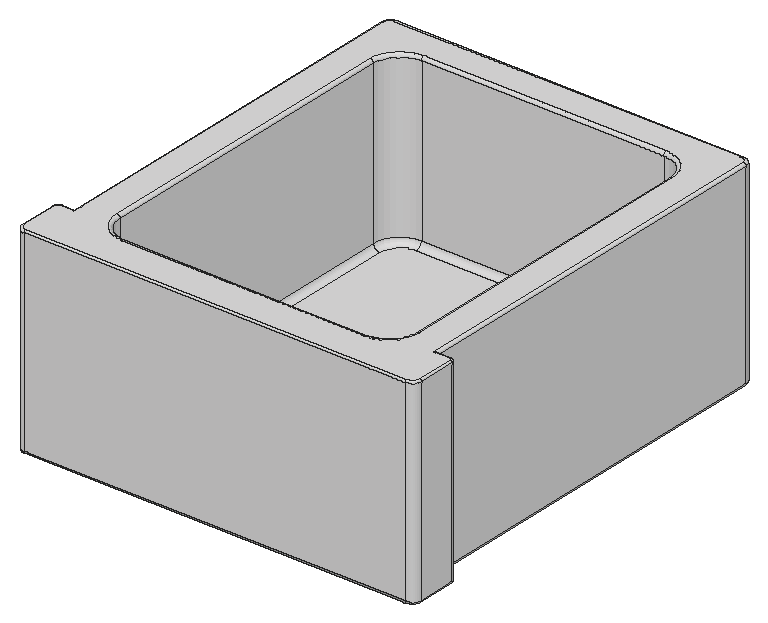
Revit family "Sink-Undermount_Kitchen-KALLISTA-Caillou-L39764-1", category Plumbing Fixtures, host Face, Revit 2022
Family settings
  Host = Face
  Round Connector Dimension = Use Diameter
  Part Type = Normal
  OmniClass Number = 23.31.13.00
  OmniClass Title = Sinks
  Cut with Voids When Loaded = No
  Maintain Annotation Orientation = No
  Shared = No
  Room Calculation Point = No
Parameters (values of type "WH-White Carrara Marble")
  Width = 19 1/2"  # constant formula
  WaterSense Certified = 1 = 0  # no
  Waste Water Outlet = "Waste Water Outlet"  # constant formula
  Waste Connection = 1 = 1  # yes
  Vent Connection = 1 = 0  # no
  URL = "https://www.kallista.com/"
  Type = 6
  Product Page URL = ""
  Product Name = "Caillou"  # constant formula
  Product Documentation Link = ""
  Model = if(Type = 1, "L39764-00-CCV", if(Type = 2, "L39764-00-FWG", if(Type = 3, "L39764-00-MVV", if(Type = 4, "L39764-00-NM", if(Type = 5, "L39764-00-RM", if(Type = 6, "L39764-00-WH", "NA"))))))  # "L39764-00-WH"
  Material = "Natural Stone"  # constant formula
  Master Format 2014 Name = "Residential Lavatories and Sinks"  # constant formula
  Master Format 2014 = "22 41 16"  # constant formula
  Manufacturer Address = "444 Highland Dr, Kohler, WI 53044"  # constant formula
  Manufacturer = "Kallista Co."  # constant formula
  Length = 17 1/2"  # constant formula
  Hot Water Inlet = "Hot Water Inlet"  # constant formula
  Height = 9.75197"  # constant formula
  HW Connection = 1 = 0  # no
  Finish = KALLISTA-Stone-WH-White_Carrara_Marble
  Environmental Product Declaration = ""
  Drain Included = 1 = 0  # no
  Description = "24 Inch Entertainment Sink"  # constant formula
  Default Elevation = 36"
  Declare Label = ""
  Date Modified = "09/23/2025"  # constant formula
  Date Created = "09/23/2025"  # constant formula
  Copyright = "Copyright Kallista Co."  # constant formula
  Contact Us = "https://www.kallista.com/corporate/contact-us/"
  Cold Water Inlet = "Cold Water Inlet"  # constant formula
  CW Connection = 1 = 0  # no
  Assembly Code = "D2010400"
  ADA Compliant = 1 = 0  # no
Types (7): name | Type | Model | Finish
  (no name) | 6 | "L39764-00-WH" | KALLISTA-Stone-WH-White_Carrara_Marble
  NM-Nero Marquina | 4 | "L39764-00-NM" | Kohler-Stone-NM-Nero_Marquina
  CCV-Calacatta Viola | 1 | "L39764-00-CCV" | KALLISTA-Stone-CCV-Calacatta_Viola
  FWG-Fusion Green Quartzite | 2 | "L39764-00-FWG" | KALLISTA-Stone-FWG-Fusion_Green_Quartzite
  MVV-Macchia Vecchia | 3 | "L39764-00-MVV" | KALLISTA-Stone-MVV-Macchia_Vecchia
  RM-Crema Marfil | 5 | "L39764-00-RM" | KALLISTA-Stone-RM-Crema_Marfil
  WH-White Carrara Marble | 6 | "L39764-00-WH" | KALLISTA-Stone-WH-White_Carrara_Marble
Reference planes (in)
  plane 1 "Center (Front/Back)": y = 0
  plane 2: z = 0
  plane 3 "Center (Left/Right)": x = 0
  plane 4: z = -1
  plane 5: y = -30.77559
  plane 6: y = -48.0315
  plane 7: y = -50.27559
  plane 8: y = -40.52756
  plane 9: y = -48.55266
  plane 10: y = -32.30069
  plane 11: z = -11.95833
  plane 12: z = -9.75197
  plane 13: x = -8.75
  plane 14: x = 8.75
  plane 15: x = 8
  plane 16: x = -8
  plane 17: x = -6.5
  plane 18: x = 6.5
Forms (in)
  Extrusion 1, void
    sketch origin (0, 0, 0) x (1, 0, 0) y (0, 1, 0)
      loop
        arc (-6.51969, -47.02641) -> (-6.80797, -47.72238) -> (-7.50394, -48.01066) r 0.98425
        line (-7.50394, -48.01066) -> (-11.77904, -48.01066) -> (-11.77904, -48.74274) -> (9.92913, -48.74274) -> (9.92913, -48.01066) -> (7.48022, -48.01066)
        arc (7.48022, -48.01066) -> (6.78425, -47.72238) -> (6.49597, -47.02641) r 0.98425
        line (6.49597, -47.02641) -> (6.49597, -33.48068)
        arc (6.49597, -33.48068) -> (6.15003, -32.64551) -> (5.31487, -32.29958) r 1.1811
        line (5.31487, -32.29958) -> (-5.33858, -32.29958)
        arc (-5.33858, -32.29958) -> (-6.17375, -32.64551) -> (-6.51969, -33.48068) r 1.1811
        line (-6.51969, -33.48068) -> (-6.51969, -47.02641)
    from -9.75197 to 0
  Extrusion 2, void
    sketch origin (0, 0, 0) x (1, 0, 0) y (0, 1, 0)
      loop
        line (-8.02461, -48.8189) -> (8.09843, -48.8189) -> (8.09843, -30.76696) -> (-8.02461, -30.76696) -> (-8.02461, -48.8189)
    from -9.75197 to -1
  Revolve 3, void
    sketch origin (0, 0, 0) x (0, 1, 0) y (0, 0, 1)
      loop
        line (-40.52756, -8.64567) -> (-43.67717, -8.64567) -> (-43.67717, -12.13518) -> (-40.52756, -12.13518) -> (-40.52756, -8.64567)
      axis (-40.52756, -8.64567) -> (-40.52756, -12.13518)
    angle from 0 to 360
Dimensions and locks (in)
  locked: level to plane 4 at 1
  plane 10 to plane 9 = 16.25197"
  "Width": plane 5 to plane 7
  "Height": level to plane 12
  level to plane 11 = 11.95833"
  level to plane 4 = 1"
  "Length": plane 13 to plane 14
  aligned and locked: plane 2 to host face
  aligned and locked: level to host face
  aligned and locked: plane 3 "Center (Left/Right)" to nested 1
  aligned and locked: plane 4 to nested 1
  aligned and locked: plane 17 to nested 1
Automatic sketch dimensions
  host sketch curve to host sketch curve = 96"  (x2)
  Extrusion 1 sketch curve to plane 9 = 0.19008"
  plane 6 to Extrusion 1 sketch curve = 0.02084"  (x2)
  plane 10 to Extrusion 1 sketch curve = 0.00112"
  plane 5 to Extrusion 2 sketch curve = 0.00863"
  Extrusion 2 sketch curve to plane 9 = 0.26624"
  Revolve 3 sketch curve to plane 8 = 0"  (x2)
  plane 12 to Revolve 3 sketch curve = 0"
  Revolve 3 sketch curve to plane 12 = 1.1063"
  Revolve 3 sketch curve to plane 8 = 3.14961"
  Revolve 3 sketch curve to plane 11 = 0.17686"
  Revolve 3 sketch curve to Revolve 3 sketch curve = 0.53734"
  Extrusion 1 sketch curve to plane 16 = 1.48031"
  Extrusion 1 sketch curve to Extrusion 1 sketch curve = 1.1811"
  Extrusion 1 sketch curve to plane 16 = 0.49606"
  plane 13 to Extrusion 1 sketch curve = 3.02904"
  plane 16 to Extrusion 2 sketch curve = 0.02461"
  plane 15 to Extrusion 1 sketch curve = 0.51978"
  Extrusion 2 sketch curve to plane 15 = 0.09843"
  Extrusion 1 sketch curve to plane 10 = 1.17999"
  plane 15 to Extrusion 1 sketch curve = 2.68513"
  Extrusion 1 sketch curve to plane 14 = 1.17913"
Nested families (in)
  nested 1: "L39764" at (0, -48.0315, -9.75197), type "L39764"
Connectors (in)
  piping at (0, -40.52756, -11.95833), diameter 1.5, driven by "Waste Connection", driven by "Waste Water Outlet"
    settings: on nested 1, index 1, connector inside diameter 24", connector length 0", flow factor 0, pipe flow 0 GPM, pressure drop 0.00 psi, fitting loss kfactor 0, connector angle 0.00°, fixture units 0, engagement length 0", angle of deflection 0.00°, flow configuration 0, flow direction 2, fitting loss method 0, system type 16, joint type 0, gender type 0, connector reference index -1, connector utility 1, adjustable connector no, is connector primary yes, connector description "Waste Water Outlet"
Definition of nested family "L39764"
  Parameters (values of type "L39764")
    Material = none
    Default Elevation = 0"
  Reference planes (in)
    plane 1 "Center (Front/Back)": y = 0
    plane 2: z = 0
    plane 3 "Center (Left/Right)": x = 0
    plane 4: x = 8.75
    plane 5: x = -8.75
    plane 6: y = -2.24409
    plane 7: y = 17.25591
    plane 8: x = -8
    plane 9: x = 8
    plane 10: x = 6.5
    plane 11: x = -6.5
    plane 12 "A": y = 7.50394
    plane 13: y = 15.7308
    plane 14: y = -0.52116
    plane 15: x = 1.81102
    plane 16: x = -1.81102
    plane 17: y = 5.69291
    plane 18: y = 9.31496
    plane 19: z = 8.75197
    plane 20: z = 1.1063
    plane 21: z = -2.20636
    plane 22: x = -8.00591
    plane 23: x = 8.00591
    plane 24: x = 8.75
    plane 25: x = -8.75
    plane 26: x = 8.75
    plane 27: x = -8.75
  Forms (in)
    Sweep 1, solid, material <- "Material", detail levels medium+fine
      path origin (0, 0, 0) x (1, 0, 0) y (0, 1, 0)
        loop
          line (5.3189, 15.7308) -> (-5.3189, 15.7308)
          arc (-5.3189, 15.7308) -> (-6.15406, 15.38487) -> (-6.5, 14.5497) r 1.1811
          line (-6.5, 14.5497) -> (-6.5, 0.65994)
          arc (-6.5, 0.65994) -> (-6.15406, -0.17523) -> (-5.3189, -0.52116) r 1.1811
          line (-5.3189, -0.52116) -> (5.3189, -0.52116)
          arc (5.3189, -0.52116) -> (6.15406, -0.17523) -> (6.5, 0.65994) r 1.1811
          line (6.5, 0.65994) -> (6.5, 14.5497)
          arc (6.5, 14.5497) -> (6.15406, 15.38487) -> (5.3189, 15.7308) r 1.1811
      profile origin (0, 15.7308, 0) x (0, -1, 0) y (0, 0, 1)
        loop
          line (0, 1.54714) -> (0, 8.61337)
          arc (0, 8.61337) -> (-0.04059, 8.71138) -> (-0.13859, 8.75197) r 0.13859
          line (-0.13859, 8.75197) -> (-0.3937, 8.75197) -> (-0.3937, 1.1063) -> (0.59055, 1.1063) -> (0.59055, 1.27854) -> (0.26859, 1.27854)
          arc (0.26859, 1.27854) -> (0.07867, 1.35721) -> (0, 1.54714) r 0.26859
    Sweep 2, solid, material <- "Material", detail levels medium+fine
      path origin (0, 0, 0) x (1, 0, 0) y (0, 1, 0)
        loop
          line (8, -0.52116) -> (8, 16.8622)
          arc (8, 16.8622) -> (7.88469, 17.14059) -> (7.6063, 17.25591) r 0.3937
          line (7.6063, 17.25591) -> (-7.6063, 17.25591)
          arc (-7.6063, 17.25591) -> (-7.88469, 17.14059) -> (-8, 16.8622) r 0.3937
          line (-8, 16.8622) -> (-8, -0.52116)
      profile origin (0, 17.25591, 0) x (0, -1, 0) y (0, 0, 1)
        loop
          arc (0.11811, 8.75197) -> (0.03459, 8.71737) -> (0, 8.63386) r 0.11811
          line (0, 8.63386) -> (0, 0.11811)
          arc (0, 0.11811) -> (0.03459, 0.03459) -> (0.11811, 0) r 0.11811
          line (0.11811, 0) -> (0.36512, 0) -> (0.36512, 8.75197) -> (0.11811, 8.75197)
    Extrusion 3, solid, material <- "Material", detail levels medium+fine
      sketch origin (0, 0, 0) x (1, 0, 0) y (0, 1, 0)
        loop
          arc (-5.3189, 15.14025) -> (-5.73648, 14.96728) -> (-5.90945, 14.5497) r 0.59055
          line (-5.90945, 14.5497) -> (-5.90945, 0.65994)
          arc (-5.90945, 0.65994) -> (-5.73648, 0.24236) -> (-5.3189, 0.06939) r 0.59055
          line (-5.3189, 0.06939) -> (5.3189, 0.06939)
          arc (5.3189, 0.06939) -> (5.73648, 0.24236) -> (5.90945, 0.65994) r 0.59055
          line (5.90945, 0.65994) -> (5.90945, 14.5497)
          arc (5.90945, 14.5497) -> (5.73648, 14.96728) -> (5.3189, 15.14025) r 0.59055
          line (5.3189, 15.14025) -> (-5.3189, 15.14025)
      from 1.1063 to 1.27854
    Sweep 4, solid, material <- "Material", detail levels medium+fine
      path origin (0, 0, 0) x (1, 0, 0) y (0, 1, 0)
        loop
          line (7.63488, 0) -> (8.55315, 0)
          arc (8.55315, 0) -> (8.69234, -0.05766) -> (8.75, -0.19685) r 0.19685
          line (8.75, -0.19685) -> (8.75, -1.85039)
          arc (8.75, -1.85039) -> (8.63469, -2.12878) -> (8.3563, -2.24409) r 0.3937
          line (8.3563, -2.24409) -> (-8.3563, -2.24409)
          arc (-8.3563, -2.24409) -> (-8.63469, -2.12878) -> (-8.75, -1.85039) r 0.3937
          line (-8.75, -1.85039) -> (-8.75, -0.19685)
          arc (-8.75, -0.19685) -> (-8.69234, -0.05766) -> (-8.55315, 0) r 0.19685
          line (-8.55315, 0) -> (-7.63488, 0)
      profile origin (0, -2.24409, 0) x (0, -1, 0) y (0, 0, 1)
        loop
          arc (-0.07874, 0) -> (-0.02306, 0.02306) -> (0, 0.07874) r 0.07874
          line (0, 0.07874) -> (0, 8.67323)
          arc (0, 8.67323) -> (-0.02306, 8.72891) -> (-0.07874, 8.75197) r 0.07874
          line (-0.07874, 8.75197) -> (-0.16989, 8.75197) -> (-0.16989, 0) -> (-0.07874, 0)
    Extrusion 5, solid, material <- "Material", detail levels medium+fine
      sketch origin (0, 0, 0) x (1, 0, 0) y (0, 1, 0)
        loop
          arc (-7.6063, 16.89079) -> (-7.62651, 16.88242) -> (-7.63488, 16.8622) r 0.02858
          line (-7.63488, 16.8622) -> (-7.63488, -0.52116) -> (-7.88189, -0.52116) -> (-7.88189, -0.16989) -> (-8.55315, -0.16989)
          arc (-8.55315, -0.16989) -> (-8.57221, -0.17779) -> (-8.58011, -0.19685) r 0.02696
          line (-8.58011, -0.19685) -> (-8.58011, -1.85039)
          arc (-8.58011, -1.85039) -> (-8.51455, -2.00865) -> (-8.3563, -2.0742) r 0.22381
          line (-8.3563, -2.0742) -> (8.3563, -2.0742)
          arc (8.3563, -2.0742) -> (8.51455, -2.00865) -> (8.58011, -1.85039) r 0.22381
          line (8.58011, -1.85039) -> (8.58011, -0.19685)
          arc (8.58011, -0.19685) -> (8.57221, -0.17779) -> (8.55315, -0.16989) r 0.02696
          line (8.55315, -0.16989) -> (7.88189, -0.16989) -> (7.88189, -0.52116) -> (7.63488, -0.52116) -> (7.63488, 16.8622)
          arc (7.63488, 16.8622) -> (7.62651, 16.88242) -> (7.6063, 16.89079) r 0.02858
          line (7.6063, 16.89079) -> (-7.6063, 16.89079)
        loop
          line (-5.3189, -0.91486) -> (5.3189, -0.91486)
          arc (5.3189, -0.91486) -> (6.43245, -0.45362) -> (6.8937, 0.65994) r 1.5748
          line (6.8937, 0.65994) -> (6.8937, 14.5497)
          arc (6.8937, 14.5497) -> (6.43245, 15.66326) -> (5.3189, 16.12451) r 1.5748
          line (5.3189, 16.12451) -> (-5.3189, 16.12451)
          arc (-5.3189, 16.12451) -> (-6.43245, 15.66326) -> (-6.8937, 14.5497) r 1.5748
          line (-6.8937, 14.5497) -> (-6.8937, 0.65994)
          arc (-6.8937, 0.65994) -> (-6.43245, -0.45362) -> (-5.3189, -0.91486) r 1.5748
      from 0 to 8.75197
    Extrusion 6, solid, material <- "Material", detail levels medium+fine
      sketch origin (0, 0, 0) x (1, 0, 0) y (0, 1, 0)
        loop
          line (-5.3189, -0.91486) -> (5.3189, -0.91486)
          arc (5.3189, -0.91486) -> (6.43245, -0.45362) -> (6.8937, 0.65994) r 1.5748
          line (6.8937, 0.65994) -> (6.8937, 14.5497)
          arc (6.8937, 14.5497) -> (6.43245, 15.66326) -> (5.3189, 16.12451) r 1.5748
          line (5.3189, 16.12451) -> (-5.3189, 16.12451)
          arc (-5.3189, 16.12451) -> (-6.43245, 15.66326) -> (-6.8937, 14.5497) r 1.5748
          line (-6.8937, 14.5497) -> (-6.8937, 0.65994)
          arc (-6.8937, 0.65994) -> (-6.43245, -0.45362) -> (-5.3189, -0.91486) r 1.5748
      from 0 to 0.53734
    Revolve 7, solid, material <- "Material", detail levels medium+fine
      sketch origin (0, 7.50394, 0) x (1, 0, 0) y (0, 0, 1)
        loop
          line (0.67587, -2.20535) -> (0.90627, -2.20535) -> (1.06958, -1.92251) -> (1.06958, -1.61212) -> (0.94701, -1.61212) -> (0.88475, -1.57618) -> (0.93481, -1.54113) -> (0.93481, -1.50906) -> (0.8958, -1.48653) -> (0.93481, -1.45921) -> (0.93481, -1.23887)
          arc (0.93481, -1.23887) -> (1.00601, -1.01305) -> (1.19386, -0.86891) r 0.3937
          line (1.19386, -0.86891) -> (1.55169, -0.73867)
          arc (1.55169, -0.73867) -> (1.61382, -0.691) -> (1.63737, -0.61631) r 0.1302
          line (1.63737, -0.61631) -> (1.63737, -0.57625) -> (1.76509, -0.57625) -> (1.76509, -0.34166)
          arc (1.76509, -0.34166) -> (1.78452, -0.29282) -> (1.83218, -0.27068) r 0.07109
          line (1.83218, -0.27068) -> (2.19552, -0.25022)
          arc (2.19552, -0.25022) -> (2.23423, -0.23224) -> (2.25, -0.19259) r 0.05772
          line (2.25, -0.19259) -> (2.25, 0.03896) -> (0.67587, 0.03896) -> (0.67587, -2.20535)
        axis (0, -2.20535) -> (0, 0.03896)
      angle from 0 to 360
    Revolve 8, void
      sketch origin (0, 7.50394, 0) x (1, 0, 0) y (0, 0, 1)
        loop
          line (0, 1.6019) -> (0, -1.98381) -> (0.57595, -1.98381) -> (0.63664, -1.29003)
          arc (0.63664, -1.29003) -> (0.65408, -1.2024) -> (0.69006, -1.12062) r 0.41036
          line (0.69006, -1.12062) -> (0.81069, -0.91169)
          arc (0.81069, -0.91169) -> (0.84811, -0.86608) -> (0.89822, -0.83491) r 0.18118
          line (0.89822, -0.83491) -> (1.43372, -0.61294)
          arc (1.43372, -0.61294) -> (1.49806, -0.56011) -> (1.52222, -0.48045) r 0.14342
          line (1.52222, -0.48045) -> (1.52222, 0.14364)
          arc (1.52222, 0.14364) -> (1.63754, 0.42203) -> (1.91592, 0.53734) r 0.3937
          line (1.91592, 0.53734) -> (2.26444, 0.53734)
          arc (2.26444, 0.53734) -> (2.39949, 0.59097) -> (2.46095, 0.72264) r 0.19685
          arc (2.46095, 0.72264) -> (2.64534, 1.11765) -> (3.05049, 1.27854) r 0.59055
          line (3.05049, 1.27854) -> (3.44741, 1.27854) -> (3.44741, 1.6019) -> (0, 1.6019)
        axis (0, -1.98381) -> (0, 1.6019)
      angle from 0 to 360
    Revolve 9, solid, detail levels medium+fine
      sketch origin (0, 7.50394, 0) x (1, 0, 0) y (0, 0, 1)
        loop
          line (0, 1.67762) -> (0, -2.20636) -> (0.20909, -2.20636) -> (0.20909, -1.30009) -> (0.40594, -1.30009)
          arc (0.40594, -1.30009) -> (0.54513, -1.24244) -> (0.60279, -1.10324) r 0.19685
          line (0.60279, -1.10324) -> (0.60279, -0.7731)
          arc (0.60279, -0.7731) -> (0.66045, -0.63391) -> (0.79964, -0.57625) r 0.19685
          line (0.79964, -0.57625) -> (0.99649, -0.57625)
          arc (0.99649, -0.57625) -> (1.27488, -0.46094) -> (1.39019, -0.18255) r 0.3937
          line (1.39019, -0.18255) -> (1.39019, 0.53734) -> (1.39019, 0.83262)
          arc (1.39019, 0.83262) -> (1.5055, 1.111) -> (1.78389, 1.22632) r 0.3937
          line (1.78389, 1.22632) -> (2.91855, 1.22632)
          arc (2.91855, 1.22632) -> (3.02916, 1.32858) -> (2.93589, 1.44687) r 0.11096
          arc (2.93589, 1.44687) -> (1.47248, 1.6199) -> (0, 1.67762) r 18.77454
        axis (0, 1.67762) -> (0, -2.20636)
      angle from 0 to 360
    Extrusion 10, solid, material <- "Material", detail levels medium+fine
      sketch origin (0, 0, 0) x (1, 0, 0) y (0, 1, 0)
        loop
          line (-1.33976, 6.35478) -> (-1.40158, 6.29297)
          arc (-1.40158, 6.29297) -> (-1.40158, 6.0935) -> (-1.20211, 6.0935) r 0.14104
          line (-1.20211, 6.0935) -> (-1.13959, 6.15602)
          arc (-1.13959, 6.15602) -> (-1.24365, 6.25139) -> (-1.33976, 6.35478) r 1.76509
        loop
          line (-0.14105, 5.74449) -> (-0.14136, 5.65708)
          arc (-0.14136, 5.65708) -> (-0.00082, 5.51553) -> (0.14073, 5.65608) r 0.14104
          line (0.14073, 5.65608) -> (0.14105, 5.74449)
          arc (0.14105, 5.74449) -> (0, 5.73885) -> (-0.14105, 5.74449) r 1.76509
        loop
          line (1.14099, 6.15721) -> (1.20243, 6.09502)
          arc (1.20243, 6.09502) -> (1.40189, 6.09381) -> (1.4031, 6.29328) r 0.14104
          line (1.4031, 6.29328) -> (1.34096, 6.35618)
          arc (1.34096, 6.35618) -> (1.24496, 6.25269) -> (1.14099, 6.15721) r 1.76509
        loop
          line (1.75944, 7.36289) -> (1.84686, 7.36258)
          arc (1.84686, 7.36258) -> (1.9884, 7.50312) -> (1.84786, 7.64467) r 0.14104
          line (1.84786, 7.64467) -> (1.75944, 7.64498)
          arc (1.75944, 7.64498) -> (1.76509, 7.50394) -> (1.75944, 7.36289) r 1.76509
        loop
          arc (-1.75944, 7.36289) -> (-1.76509, 7.50394) -> (-1.75944, 7.64498) r 1.76509
          line (-1.75944, 7.64498) -> (-1.84786, 7.64467)
          arc (-1.84786, 7.64467) -> (-1.9884, 7.50312) -> (-1.84686, 7.36258) r 0.14104
          line (-1.84686, 7.36258) -> (-1.75944, 7.36289)
        loop
          arc (-1.33976, 8.6531) -> (-1.24365, 8.75648) -> (-1.13959, 8.85185) r 1.76509
          line (-1.13959, 8.85185) -> (-1.20211, 8.91437)
          arc (-1.20211, 8.91437) -> (-1.40158, 8.91437) -> (-1.40158, 8.71491) r 0.14104
          line (-1.40158, 8.71491) -> (-1.33976, 8.6531)
        loop
          arc (-0.14105, 9.26338) -> (0, 9.26902) -> (0.14105, 9.26338) r 1.76509
          line (0.14105, 9.26338) -> (0.14073, 9.3518)
          arc (0.14073, 9.3518) -> (-0.00082, 9.49234) -> (-0.14136, 9.35079) r 0.14104
          line (-0.14136, 9.35079) -> (-0.14105, 9.26338)
        loop
          arc (1.14099, 8.85066) -> (1.24496, 8.75518) -> (1.34096, 8.6517) r 1.76509
          line (1.34096, 8.6517) -> (1.4031, 8.7146)
          arc (1.4031, 8.7146) -> (1.40189, 8.91406) -> (1.20243, 8.91285) r 0.14104
          line (1.20243, 8.91285) -> (1.14099, 8.85066)
      from 0 to -0.57625
    Extrusion 11, solid, material <- "Material", detail levels coarse
      sketch origin (0, 0, 0) x (1, 0, 0) y (0, 1, 0)
        loop
          line (-8, 0) -> (-8.75, 0) -> (-8.75, -2.24409) -> (8.75, -2.24409) -> (8.75, 0) -> (8, 0) -> (8, 17.25591) -> (-8, 17.25591) -> (-8, 0)
        loop
          line (-6.5, 14.74655) -> (-6.5, 0.57996)
          arc (-6.5, 0.57996) -> (-6.17749, -0.19865) -> (-5.39888, -0.52116) r 1.10112
          line (-5.39888, -0.52116) -> (5.39888, -0.52116)
          arc (5.39888, -0.52116) -> (6.17749, -0.19865) -> (6.5, 0.57996) r 1.10112
          line (6.5, 0.57996) -> (6.5, 14.74655)
          arc (6.5, 14.74655) -> (6.21172, 15.44252) -> (5.51575, 15.7308) r 0.98425
          line (5.51575, 15.7308) -> (-5.51575, 15.7308)
          arc (-5.51575, 15.7308) -> (-6.21172, 15.44252) -> (-6.5, 14.74655) r 0.98425
      from 0 to 8.75197
    Revolve 12, solid, material <- "Material", detail levels coarse
      sketch origin (0, 7.50394, 0) x (1, 0, 0) y (0, 0, 1)
        loop
          line (0, -2.20636) -> (0, 0.12629) -> (-2.3622, 0.12629) -> (-2.3622, -2.20636) -> (0, -2.20636)
        axis (0, -2.20636) -> (0, 0.12629)
      angle from 0 to 360
    Extrusion 13, solid, material <- "Material", detail levels coarse
      sketch origin (0, 0, 0) x (1, 0, 0) y (0, 1, 0)
        loop
          arc (5.39888, -0.52116) -> (6.17749, -0.19865) -> (6.5, 0.57996) r 1.10112
          line (6.5, 0.57996) -> (6.5, 14.74655)
          arc (6.5, 14.74655) -> (6.21172, 15.44252) -> (5.51575, 15.7308) r 0.98425
          line (5.51575, 15.7308) -> (-5.51575, 15.7308)
          arc (-5.51575, 15.7308) -> (-6.21172, 15.44252) -> (-6.5, 14.74655) r 0.98425
          line (-6.5, 14.74655) -> (-6.5, 0.57996)
          arc (-6.5, 0.57996) -> (-6.17749, -0.19865) -> (-5.39888, -0.52116) r 1.10112
          line (-5.39888, -0.52116) -> (5.39888, -0.52116)
      from 0 to 0.71003
  Cuts and joins
    Revolve 8 cuts Sweep 1
    Revolve 8 cuts Sweep 2
    Revolve 8 cuts Extrusion 3
    Revolve 8 cuts Sweep 4
    Revolve 8 cuts Extrusion 5
    Revolve 8 cuts Extrusion 6
    Revolve 8 cuts Revolve 7
    Revolve 8 cuts Extrusion 10
    joined: Sweep 1, Sweep 2, Extrusion 3, Sweep 4, Extrusion 5, Extrusion 6, Revolve 7, Extrusion 10
    joined: Extrusion 11, Revolve 12, Extrusion 13
  Lines and regions (in)
    Masking region 1
      outline origin (0, 0, 0) x (1, 0, 0) y (0, 1, 0)
        loop
          line (7.6122, 17.25591) -> (-7.6122, 17.25591)
          arc (-7.6122, 17.25591) -> (-7.89059, 17.14059) -> (-8.00591, 16.8622) r 0.3937
          line (-8.00591, 16.8622) -> (-8.00591, 0.11811)
          arc (-8.00591, 0.11811) -> (-8.0405, 0.03459) -> (-8.12402, 0) r 0.11811
          line (-8.12402, 0) -> (-8.63189, 0)
          arc (-8.63189, 0) -> (-8.71541, -0.03459) -> (-8.75, -0.11811) r 0.11811
          line (-8.75, -0.11811) -> (-8.75, -1.85039)
          arc (-8.75, -1.85039) -> (-8.63469, -2.12878) -> (-8.3563, -2.24409) r 0.3937
          line (-8.3563, -2.24409) -> (8.3563, -2.24409)
          arc (8.3563, -2.24409) -> (8.63469, -2.12878) -> (8.75, -1.85039) r 0.3937
          line (8.75, -1.85039) -> (8.75, -0.11811)
          arc (8.75, -0.11811) -> (8.71541, -0.03459) -> (8.63189, 0) r 0.11811
          line (8.63189, 0) -> (8.12402, 0)
          arc (8.12402, 0) -> (8.0405, 0.03459) -> (8.00591, 0.11811) r 0.11811
          line (8.00591, 0.11811) -> (8.00591, 16.8622)
          arc (8.00591, 16.8622) -> (7.89059, 17.14059) -> (7.6122, 17.25591) r 0.3937
    Masking region 2
      outline origin (0, 7.50394, 0) x (1, 0, 0) y (0, 0, 1)
        loop
          arc (-8.63189, 8.75197) -> (-8.71541, 8.71737) -> (-8.75, 8.63386) r 0.11811
          line (-8.75, 8.63386) -> (-8.75, 0.12629)
          arc (-8.75, 0.12629) -> (-8.71301, 0.03699) -> (-8.62371, 0) r 0.12629
          line (-8.62371, 0) -> (-2.25, 0) -> (-2.25, -0.18828)
          arc (-2.25, -0.18828) -> (-2.23302, -0.23086) -> (-2.19139, -0.25005) r 0.06185
          line (-2.19139, -0.25005) -> (-2.02039, -0.25901)
          arc (-2.02039, -0.25901) -> (-1.99637, -0.27008) -> (-1.98657, -0.29465) r 0.03569
          line (-1.98657, -0.29465) -> (-1.98657, -0.55279)
          arc (-1.98657, -0.55279) -> (-1.9797, -0.56938) -> (-1.96311, -0.57625) r 0.02346
          line (-1.96311, -0.57625) -> (-1.64878, -0.57625) -> (-1.64878, -0.60798)
          arc (-1.64878, -0.60798) -> (-1.62473, -0.68463) -> (-1.5612, -0.73381) r 0.13418
          line (-1.5612, -0.73381) -> (-1.17944, -0.87521)
          arc (-1.17944, -0.87521) -> (-0.99746, -1.01608) -> (-0.92856, -1.23566) r 0.38439
          line (-0.92856, -1.23566) -> (-0.92856, -1.46093) -> (-0.89253, -1.49696) -> (-0.93813, -1.54256) -> (-0.87716, -1.57777) -> (-0.93427, -1.61074) -> (-1.07524, -1.61074) -> (-1.07524, -1.92631) -> (-0.93353, -2.17177)
          arc (-0.93353, -2.17177) -> (-0.90821, -2.19709) -> (-0.87362, -2.20636) r 0.06918
          line (-0.87362, -2.20636) -> (0, -2.20636) -> (0.87362, -2.20636)
          arc (0.87362, -2.20636) -> (0.90821, -2.19709) -> (0.93353, -2.17177) r 0.06918
          line (0.93353, -2.17177) -> (1.07524, -1.92631) -> (1.07524, -1.61074) -> (0.93427, -1.61074) -> (0.87716, -1.57777) -> (0.93813, -1.54256) -> (0.89253, -1.49696) -> (0.92856, -1.46093) -> (0.92856, -1.23566)
          arc (0.92856, -1.23566) -> (0.99746, -1.01608) -> (1.17944, -0.87521) r 0.38439
          line (1.17944, -0.87521) -> (1.5612, -0.73381)
          arc (1.5612, -0.73381) -> (1.62473, -0.68463) -> (1.64878, -0.60798) r 0.13418
          line (1.64878, -0.60798) -> (1.64878, -0.57625) -> (1.96311, -0.57625)
          arc (1.96311, -0.57625) -> (1.9797, -0.56938) -> (1.98657, -0.55279) r 0.02346
          line (1.98657, -0.55279) -> (1.98657, -0.29465)
          arc (1.98657, -0.29465) -> (1.99637, -0.27008) -> (2.02039, -0.25901) r 0.03569
          line (2.02039, -0.25901) -> (2.19139, -0.25005)
          arc (2.19139, -0.25005) -> (2.23302, -0.23086) -> (2.25, -0.18828) r 0.06185
          line (2.25, -0.18828) -> (2.25, 0) -> (8.62371, 0)
          arc (8.62371, 0) -> (8.71301, 0.03699) -> (8.75, 0.12629) r 0.12629
          line (8.75, 0.12629) -> (8.75, 8.63386)
          arc (8.75, 8.63386) -> (8.71541, 8.71737) -> (8.63189, 8.75197) r 0.11811
          line (8.63189, 8.75197) -> (-8.63189, 8.75197)
    Masking region 3
      outline origin (0, 0, 0) x (0, 1, 0) y (0, 0, 1)
        loop
          line (17.1378, 8.75197) -> (-2.12598, 8.75197)
          arc (-2.12598, 8.75197) -> (-2.2095, 8.71737) -> (-2.24409, 8.63386) r 0.11811
          line (-2.24409, 8.63386) -> (-2.24409, 0.12629)
          arc (-2.24409, 0.12629) -> (-2.20711, 0.03699) -> (-2.1178, 0) r 0.12629
          line (-2.1178, 0) -> (5.25394, 0) -> (5.25394, -0.18828)
          arc (5.25394, -0.18828) -> (5.27092, -0.23086) -> (5.31255, -0.25005) r 0.06185
          line (5.31255, -0.25005) -> (5.48354, -0.25901)
          arc (5.48354, -0.25901) -> (5.50756, -0.27008) -> (5.51736, -0.29465) r 0.03569
          line (5.51736, -0.29465) -> (5.51736, -0.55279)
          arc (5.51736, -0.55279) -> (5.52423, -0.56938) -> (5.54082, -0.57625) r 0.02346
          line (5.54082, -0.57625) -> (5.85516, -0.57625) -> (5.85516, -0.60798)
          arc (5.85516, -0.60798) -> (5.87921, -0.68463) -> (5.94273, -0.73381) r 0.13418
          line (5.94273, -0.73381) -> (6.32449, -0.87521)
          arc (6.32449, -0.87521) -> (6.50648, -1.01608) -> (6.57537, -1.23566) r 0.38439
          line (6.57537, -1.23566) -> (6.57537, -1.46093) -> (6.61141, -1.49696) -> (6.56581, -1.54256) -> (6.62678, -1.57777) -> (6.56966, -1.61074) -> (6.49955, -1.61074) -> (6.49955, -2.04904) -> (6.57041, -2.17177)
          arc (6.57041, -2.17177) -> (6.59573, -2.19709) -> (6.63032, -2.20636) r 0.06918
          line (6.63032, -2.20636) -> (7.50394, -2.20636) -> (8.37755, -2.20636)
          arc (8.37755, -2.20636) -> (8.41214, -2.19709) -> (8.43746, -2.17177) r 0.06918
          line (8.43746, -2.17177) -> (8.50832, -2.04904) -> (8.50832, -1.61074) -> (8.43821, -1.61074) -> (8.3811, -1.57777) -> (8.44207, -1.54256) -> (8.39647, -1.49696) -> (8.4325, -1.46093) -> (8.4325, -1.23566)
          arc (8.4325, -1.23566) -> (8.50139, -1.01608) -> (8.68338, -0.87521) r 0.38439
          line (8.68338, -0.87521) -> (9.06514, -0.73381)
          arc (9.06514, -0.73381) -> (9.12867, -0.68463) -> (9.15272, -0.60798) r 0.13418
          line (9.15272, -0.60798) -> (9.15272, -0.57625) -> (9.46705, -0.57625)
          arc (9.46705, -0.57625) -> (9.48364, -0.56938) -> (9.49051, -0.55279) r 0.02346
          line (9.49051, -0.55279) -> (9.49051, -0.29465)
          arc (9.49051, -0.29465) -> (9.50031, -0.27008) -> (9.52433, -0.25901) r 0.03569
          line (9.52433, -0.25901) -> (9.69533, -0.25005)
          arc (9.69533, -0.25005) -> (9.73695, -0.23086) -> (9.75394, -0.18828) r 0.06185
          line (9.75394, -0.18828) -> (9.75394, 0) -> (17.12962, 0)
          arc (17.12962, 0) -> (17.21892, 0.03699) -> (17.25591, 0.12629) r 0.12629
          line (17.25591, 0.12629) -> (17.25591, 8.63386)
          arc (17.25591, 8.63386) -> (17.22131, 8.71737) -> (17.1378, 8.75197) r 0.11811
    symbolic lines
      curve 1: line (5.51575, 15.7308, 0) -> (-5.51575, 15.7308, 0)
      curve 2: line (-6.5, 14.74655, 0) -> (-6.5, 0.57996, 0)
      curve 3: arc (-6.5, 14.74655, 0) -> (-6.21172, 15.44252, 0) -> (-5.51575, 15.7308, 0) r 0.98425
      curve 4: line (5.39888, -0.52116, 0) -> (-5.39888, -0.52116, 0)
      curve 5: arc (-6.5, 0.57996, 0) -> (-6.17749, -0.19865, 0) -> (-5.39888, -0.52116, 0) r 1.10112
      curve 24: line (6.5, 14.74655, 0) -> (6.5, 0.57996, 0)
      curve 25: arc (6.5, 14.74655, 0) -> (6.21172, 15.44252, 0) -> (5.51575, 15.7308, 0) r 0.98425
      curve 26: arc (6.5, 0.57996, 0) -> (6.17749, -0.19865, 0) -> (5.39888, -0.52116, 0) r 1.10112
      curve 40: circle (0, 7.50394, 0) r 3.04213 normal (0, 0, 1)
      curve 41: line (-2.25, 7.50394, 0) -> (2.25, 7.50394, 0)
      curve 42: line (-2.25, 7.50394, -0.14125) -> (2.25, 7.50394, -0.14125)
      curve 43: line (2.25, 7.50394, -0.18828) -> (-2.25, 7.50394, -0.18828)
      curve 44: line (-2.02039, 7.50394, -0.25901) -> (2.02039, 7.50394, -0.25901)
      curve 45: line (1.98657, 7.50394, -0.29465) -> (-1.98657, 7.50394, -0.29465)
      curve 46: line (-1.64878, 7.50394, -0.57625) -> (1.64878, 7.50394, -0.57625)
      curve 47: line (1.5612, 7.50394, -0.73381) -> (-1.5612, 7.50394, -0.73381)
      curve 48: line (-1.17944, 7.50394, -0.87521) -> (1.17944, 7.50394, -0.87521)
      curve 49: line (0.92856, 7.50394, -1.46093) -> (-0.92856, 7.50394, -1.46093)
      curve 50: line (-0.92856, 7.50394, -1.23566) -> (0.92856, 7.50394, -1.23566)
      curve 51: line (0.93427, 7.50394, -1.61074) -> (-0.93427, 7.50394, -1.61074)
      curve 52: line (-0.93353, 7.50394, -2.17177) -> (0.93353, 7.50394, -2.17177)
      curve 53: line (-8.75, 7.50394, 8.63386) -> (8.75, 7.50394, 8.63386)
      curve 54: line (8.3563, 7.50394, 8.75197) -> (8.3563, 7.50394, 0)
      curve 55: line (8.75, 7.50394, 0.12629) -> (-8.75, 7.50394, 0.12629)
      curve 56: line (-8.3563, 7.50394, 8.75197) -> (-8.3563, 7.50394, 0)
      curve 57: line (-0.67536, 7.50394, -1.91625) -> (-0.38676, 7.50394, -1.91625)
      curve 58: arc (-0.67536, 7.50394, -1.91625) -> (-0.87224, 7.50394, -2.04292) -> (-1.07524, 7.50394, -1.92631) r 0.22522
      curve 59: line (0.67536, 7.50394, -1.91625) -> (0.38676, 7.50394, -1.91625)
      curve 60: arc (0.67536, 7.50394, -1.91625) -> (0.87224, 7.50394, -2.04292) -> (1.07524, 7.50394, -1.92631) r 0.22522
      curve 61: arc (-0.38676, 7.50394, -1.91625) -> (0, 7.50394, -2.04125) -> (0.38676, 7.50394, -1.91625) r 0.66083
      curve 62: line (0, 17.25591, 8.63386) -> (0, -2.24409, 8.63386)
      curve 63: line (0, -2.24409, 0.12629) -> (0, 17.25591, 0.12629)
      curve 64: line (0, 16.8622, 0) -> (0, 16.8622, 8.75197)
      curve 65: line (0, 0.12653, 8.75197) -> (0, 0.12653, 0)
      curve 66: line (0, 0, 0.12629) -> (0, 0, 8.63386)
      curve 67: line (0, -0.13341, 8.75197) -> (0, -0.13341, 0)
      curve 68: line (0, -1.85039, 0) -> (0, -1.85039, 8.75197)
      curve 69: line (0, 9.75394, 0) -> (0, 5.25394, 0)
      curve 70: line (0, 5.25394, -0.13525) -> (0, 9.75394, -0.13525)
      curve 71: line (0, 9.52433, -0.25901) -> (0, 5.48354, -0.25901)
      curve 72: line (0, 5.51736, -0.29465) -> (0, 9.49051, -0.29465)
      curve 73: line (0, 9.15272, -0.57625) -> (0, 5.85516, -0.57625)
      curve 74: line (0, 5.94273, -0.73381) -> (0, 9.06514, -0.73381)
      curve 75: line (0, 8.68338, -0.87521) -> (0, 6.32449, -0.87521)
      curve 76: line (0, 6.57537, -1.23566) -> (0, 8.4325, -1.23566)
      curve 77: line (0, 7.66781, -1.91625) -> (0, 7.3339, -1.91625)
      curve 78: line (0, 6.66466, -1.91625) -> (0, 6.49955, -1.91625)
      curve 79: line (0, 8.34321, -1.91625) -> (0, 8.50832, -1.91625)
      curve 80: arc (0, 7.3339, -1.91625) -> (0, 6.99928, -2.0414) -> (0, 6.66466, -1.91625) r 0.50994
      curve 81: arc (0, 7.66781, -1.91625) -> (0, 8.00551, -2.04137) -> (0, 8.34321, -1.91625) r 0.51832
      curve 82: line (0, 8.43821, -1.61074) -> (0, 6.56966, -1.61074)
      curve 83: line (0, 6.62678, -1.57777) -> (0, 8.3811, -1.57777)
      curve 84: line (0, 8.39647, -1.49696) -> (0, 6.61141, -1.49696)
      curve 85: line (0, 6.57537, -1.46093) -> (0, 8.4325, -1.46093)
      curve 86: line (0, 7.66781, -1.91625) -> (0, 7.66781, -1.61074)
      curve 87: line (0, 7.3339, -1.91625) -> (0, 7.3339, -1.61074)
      curve 88: arc (0, -0.13341, 0) -> (0, -0.03953, 0.03444) -> (0, 0, 0.12629) r 0.12648
      curve 89: arc (0, 0, 8.63386) -> (0, -0.04012, 8.72295) -> (0, -0.13341, 8.75197) r 0.11899
    symbolic lines, detail levels medium+fine
      curve 6: arc (-5.39888, -0.65109, 0) -> (-6.26936, -0.29052, 0) -> (-6.62992, 0.57996, 0) r 1.23104
      curve 7: line (-6.62992, 0.57996, 0) -> (-6.62992, 14.74655, 0)
      curve 8: line (5.39888, -0.65109, 0) -> (-5.39888, -0.65109, 0)
      curve 9: arc (-6.62992, 14.74655, 0) -> (-6.30359, 15.53439, 0) -> (-5.51575, 15.86073, 0) r 1.11417
      curve 10: line (-5.51575, 15.86073, 0) -> (5.51575, 15.86073, 0)
      curve 11: arc (-5.51575, 15.45521, 0) -> (-6.01685, 15.24765, 0) -> (-6.22441, 14.74655, 0) r 0.70866
      curve 12: line (-6.22441, 14.74655, 0) -> (-6.22441, 0.57996, 0)
      curve 13: line (5.51575, 15.45521, 0) -> (-5.51575, 15.45521, 0)
      curve 14: arc (-6.22441, 0.57996, 0) -> (-5.98262, -0.00378, 0) -> (-5.39888, -0.24557, 0) r 0.82553
      curve 15: line (-5.39888, -0.24557, 0) -> (5.39888, -0.24557, 0)
      curve 16: line (-8.63189, -0.11811, 0) -> (-8.63189, -1.85039, 0)
      curve 17: line (-8.11811, -0.11811, 0) -> (-8.63189, -0.11811, 0)
      curve 18: arc (-7.88189, 0.11811, 0) -> (-7.95108, -0.04892, 0) -> (-8.11811, -0.11811, 0) r 0.23622
      curve 19: line (-7.88189, 16.8622, 0) -> (-7.88189, 0.11811, 0)
      curve 20: arc (-8.63189, -1.85039, 0) -> (-8.55117, -2.04527, 0) -> (-8.3563, -2.12598, 0) r 0.27559
      curve 21: line (-8.3563, -2.12598, 0) -> (8.3563, -2.12598, 0)
      curve 22: arc (-7.6063, 17.1378, 0) -> (-7.80117, 17.05708, 0) -> (-7.88189, 16.8622, 0) r 0.27559
      curve 23: line (7.6063, 17.1378, 0) -> (-7.6063, 17.1378, 0)
      curve 27: arc (5.39888, -0.65109, 0) -> (6.26936, -0.29052, 0) -> (6.62992, 0.57996, 0) r 1.23104
      curve 28: line (6.62992, 0.57996, 0) -> (6.62992, 14.74655, 0)
      curve 29: arc (6.62992, 14.74655, 0) -> (6.30359, 15.53439, 0) -> (5.51575, 15.86073, 0) r 1.11417
      curve 30: arc (5.51575, 15.45521, 0) -> (6.01685, 15.24765, 0) -> (6.22441, 14.74655, 0) r 0.70866
      curve 31: line (6.22441, 14.74655, 0) -> (6.22441, 0.57996, 0)
      curve 32: arc (6.22441, 0.57996, 0) -> (5.98262, -0.00378, 0) -> (5.39888, -0.24557, 0) r 0.82553
      curve 33: line (8.63189, -0.11811, 0) -> (8.63189, -1.85039, 0)
      curve 34: line (8.11811, -0.11811, 0) -> (8.63189, -0.11811, 0)
      curve 35: arc (7.88189, 0.11811, 0) -> (7.95108, -0.04892, 0) -> (8.11811, -0.11811, 0) r 0.23622
      curve 36: line (7.88189, 16.8622, 0) -> (7.88189, 0.11811, 0)
      curve 37: arc (8.63189, -1.85039, 0) -> (8.55117, -2.04527, 0) -> (8.3563, -2.12598, 0) r 0.27559
      curve 38: arc (7.6063, 17.1378, 0) -> (7.80117, 17.05708, 0) -> (7.88189, 16.8622, 0) r 0.27559
      curve 39: circle (0, 7.50394, 0) r 2.95276 normal (0, 0, 1)
  Dimensions and locks (in)
    plane 4 to plane 9 to plane 10 = 3/4" locked, 1 1/2" locked
    plane 11 to plane 8 to plane 5 = 1 1/2" locked, 3/4" locked
    plane 27 to plane 26 = 17 1/2"
    plane 10 to plane 23 to plane 24 = 1.50591" locked, 0.74409" locked
    plane 25 to plane 22 to plane 11 = 0.74409" locked, 1.50591" locked
    aligned and locked: plane 2 to level
